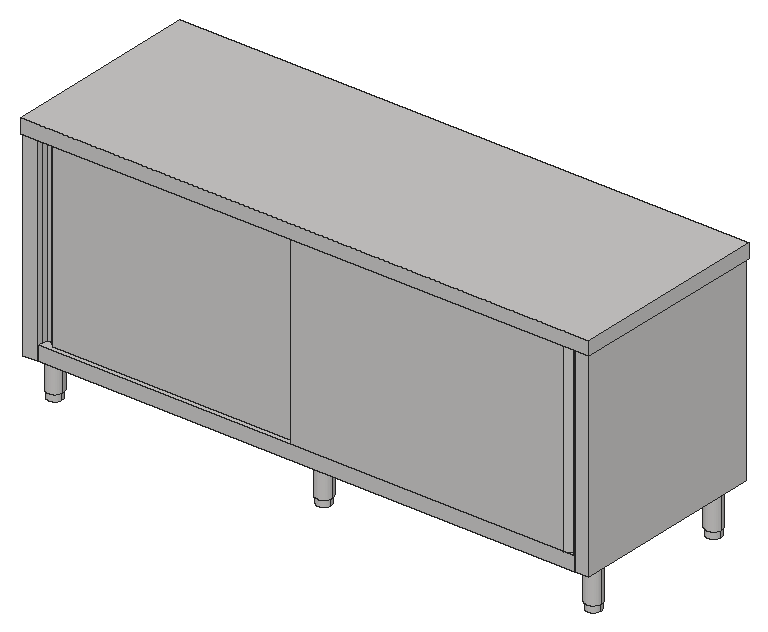
Revit family "QF_ELECTROLUXPROFESSIONAL_132785_MTND2000PN", category Attrezzature speciali, Revit 2020
Family settings
  Quota connettore circolare = Usa diametro
  Tipo di parte = Normale
  Basato su piano di lavoro = No
  Sempre verticale = Sì
  Taglio con vuoti quando caricato = No
  Condiviso = No
  Punto di calcolo locali = No
Parameters (values of type "Standard")
  Weight = 75.00 kg
  Watts = 0 W
  Volts = 0 V
  URL Manufacturer = "https://www.electroluxprofessional.com/"
  URL = "https://www.electroluxprofessional.com/"
  Steam Supply Size = 0 mm
  Steam Supply Minimum Pressure = 0.0 Pa
  Steam Supply Maximum Pressure = 0.0 Pa
  Steam Consumption per Hour = 0
  Refrigeration Suction Line Size = 0.0 mm
  Refrigeration Liquid Line Size = 0.0 mm
  Refrigerant Compressor Remote = yes
  Prospetto di default = 0.0 mm
  Produttore = "Electrolux Professional"
  Phase = 0
  Modello = "MTND2000PN"
  Length Actual = 2000.0 mm  # constant formula
  Item Number = "132785"
  Hot Water Size = 0 mm
  Height Actual = 900.0 mm  # constant formula
  HP = "0 HP"
  Gas Size = 0 mm
  Gas KW = 0
  Gas Input Pressure = 0 W
  Direct Waste Size = 0 mm
  Descrizione = "WORKTOP CUPB.PASSTH+SHELF+SLIDING D.2000"
  Depth Actual = 700.0 mm  # constant formula
  Cycle = 0 Hz
  Condensate Return Size = 0 mm
  Compressed Air Volume = 0.0 L/s
  Compressed Air Size = 0 mm
  Compressed Air Pressure = 0.0 Pa
  Cold Water Size = 0 mm
  Accessory = yes
Reference planes
  plane 1 "Center (Front/Back)": y = 0
  plane 2: z = 0
  plane 3 "Center (Left/Right)": x = -500
  plane 4 "LEFT": x = -1500
  plane 5 "RIGHT": x = 500
  plane 6 "BACK": y = 350
  plane 7 "FRONT": y = -350
  plane 8 "Base": z = 850
  plane 9 "TOP": z = 900
  plane 10: x = -1446.9
  plane 11: x = 446.9
  plane 12: y = 264.5
  plane 13: y = -264.5
  plane 14 "BodyLeft": x = -1494.5
  plane 15 "BodyFront": y = -344.5
  plane 16 "BodyRight": x = 494.5
  plane 17 "BodyBack": y = 344.5
  plane 18 "FEET": z = 150
  plane 19: x = -445.5
  plane 20: x = -554.5
Forms (mm)
  Extrusion 1, solid, material "QF_Finishes_Stainless Steel"
    sketch origin (-500, 0, 0) x (0, 1, 0) y (0, 0, 1)
      loop
        line (-350, 850) -> (350, 850) -> (350, 900) -> (-350, 900) -> (-350, 850)
    from 1000 to -1000
  Extrusion 2, solid, material "QF_Finishes_Stainless Steel"
    sketch origin (0, 0, 150) x (-1, 0, 0) y (0, -1, 0)
      loop
        line (1494.5, -344.5) -> (1494.5, 344.5) -> (1444.5, 344.5) -> (1444.5, -344.5) -> (1494.5, -344.5)
      loop
        line (-444.5, -344.5) -> (-444.5, 344.5) -> (-494.5, 344.5) -> (-494.5, -344.5) -> (-444.5, -344.5)
    from 0 to 700
  Extrusion 3, solid, material "QF_Finishes_Stainless Steel"
    sketch origin (0, 0, 150) x (-1, 0, 0) y (0, -1, 0)
      loop
        line (1444.5, -344.5) -> (1444.5, 344.5) -> (-444.5, 344.5) -> (-444.5, -344.5) -> (1444.5, -344.5)
    from 0 to 50
  Extrusion 4, solid, material "QF_Finishes_Stainless Steel"
    sketch origin (0, 0, 150) x (-1, 0, 0) y (0, -1, 0)
      loop
        line (-445.9, 344.5) -> (-445.9, 324.5) -> (554.5, 324.5) -> (554.5, 344.5) -> (-405.9, 344.5) -> (-425.9, 329.5) -> (-440.9, 329.5) -> (-440.9, 344.5) -> (-445.9, 344.5)
    from 50 to 700
  Extrusion 5, solid, material "QF_Finishes_Stainless Steel"
    sketch origin (0, 20, 150) x (1, 0, 0) y (0, 1, 0)
      loop
        line (-1445.9, -344.5) -> (-1440.9, -344.5) -> (-1440.9, -329.5) -> (-1425.9, -329.5) -> (-1405.9, -344.5) -> (-445.5, -344.5) -> (-445.5, -324.5) -> (-1445.9, -324.5) -> (-1445.9, -344.5)
    from 50 to 700
  Extrusion 6, solid, material "QF_Finishes_Stainless Steel"
    sketch origin (0, 0, 150) x (-1, 0, 0) y (0, -1, 0)
      loop
        line (-444.5, -344.5) -> (-439.5, -344.5) -> (-439.5, -329.5) -> (-424.5, -329.5) -> (-404.5, -344.5) -> (554.5, -344.5) -> (554.5, -324.5) -> (-444.5, -324.5) -> (-444.5, -344.5)
    from 50 to 700
  Extrusion 7, solid, material "QF_Finishes_Stainless Steel"
    sketch origin (0, -20, 150) x (1, 0, 0) y (0, 1, 0)
      loop
        line (-1444.5, 344.5) -> (-1444.5, 324.5) -> (-445.5, 324.5) -> (-445.5, 344.5) -> (-1404.5, 344.5) -> (-1424.5, 329.5) -> (-1439.5, 329.5) -> (-1439.5, 344.5) -> (-1444.5, 344.5)
    from 50 to 700
  Extrusion 8, solid, material "QF_Finishes_Stainless Steel"
    sketch origin (0, 0, 0) x (1, 0, 0) y (0, 1, 0)
      loop
        line (-1444.5, -304.5) -> (444.5, -304.5) -> (444.5, 304.5) -> (-1444.5, 304.5) -> (-1444.5, -304.5)
    from 500 to 540
Lines and regions (mm)
  symbolic lines
    curve 1: line (500, 350, 900) -> (-1500, 350, 900)
    curve 2: line (-1500, 350, 900) -> (-1500, -350, 900)
    curve 3: line (-1500, -350, 900) -> (500, -350, 900)
    curve 4: line (500, -350, 900) -> (500, 350, 900)
  symbolic lines, style "SpecialityEquipmentHiddenLines"
    curve 5: line (-1494.5, 344.5, 150) -> (494.5, 344.5, 150)
    curve 6: line (-1494.5, -344.5, 150) -> (-1494.5, 344.5, 150)
    curve 7: line (494.5, -344.5, 150) -> (-1494.5, -344.5, 150)
    curve 8: line (494.5, 344.5, 150) -> (494.5, -344.5, 150)
    curve 9: line (-1445.9, -304.5, 150) -> (-445.5, -304.5, 150)
    curve 10: line (-445.5, -304.5, 150) -> (-445.5, -324.5, 150)
    curve 11: line (-1445.9, -324.5, 150) -> (445.9, -324.5, 150)
    curve 12: line (445.9, -324.5, 150) -> (445.9, -344.5, 150)
    curve 13: line (-554.5, -324.5, 150) -> (-554.5, -344.5, 150)
    curve 14: line (-1445.9, -304.5, 150) -> (-1445.9, -324.5, 150)
Dimensions and locks
  plane 4 "LEFT" to plane 5 "RIGHT" = 2000.0 mm
  equal spacing: plane 4 "LEFT", plane 3 "Center (Left/Right)", plane 5 "RIGHT"
  locked: plane 8 "Base" to level at 850
  plane 9 "TOP" to level = 900.0 mm
  plane 6 "BACK" to plane 7 "FRONT" = 700.0 mm
  equal spacing: plane 6 "BACK", plane 1 "Center (Front/Back)", plane 7 "FRONT"
  locked: plane 4 "LEFT" to plane 14 "BodyLeft" at 5.5
  locked: plane 16 "BodyRight" to plane 5 "RIGHT" at 5.5
  locked: plane 15 "BodyFront" to plane 7 "FRONT" at 5.5
  locked: plane 6 "BACK" to plane 17 "BodyBack" at 5.5
  locked: plane 14 "BodyLeft" to plane 10 at 47.6
  locked: plane 11 to plane 16 "BodyRight" at 47.6
  locked: plane 13 to plane 15 "BodyFront" at 80
  locked: plane 17 "BodyBack" to plane 12 at 80
  plane 10 to plane 11 = 1893.8 mm
  plane 12 to plane 13 = 529.0 mm
  locked: plane 14 "BodyLeft" to Extrusion 2 sketch curve at 50
  locked: Extrusion 2 sketch curve to Extrusion 2 sketch curve at 50
  locked: plane 3 "Center (Left/Right)" to plane 19 at 54.5
  locked: plane 20 to plane 3 "Center (Left/Right)" at 54.5
  locked: plane 18 "FEET" to level at 150
  aligned and locked: level to plane 2
  aligned and locked: plane 10 to nested 1
  aligned and locked: nested 1 to plane 13
  aligned and locked: plane 11 to nested 2
  aligned and locked: nested 2 to plane 13
  aligned and locked: plane 11 to nested 4
  aligned and locked: nested 4 to plane 12
  aligned and locked: plane 10 to nested 3
  aligned and locked: nested 3 to plane 12
  aligned and locked: Extrusion 1 to plane 4 "LEFT"
  aligned and locked: plane 5 "RIGHT" to Extrusion 1
  aligned and locked: curve 2 to plane 4 "LEFT"
  aligned and locked: plane 17 "BodyBack" to Extrusion 2 sketch curve
  aligned and locked: Extrusion 2 sketch curve to plane 15 "BodyFront"
  aligned and locked: Extrusion 2 sketch curve to plane 14 "BodyLeft"
  aligned and locked: plane 16 "BodyRight" to Extrusion 2 sketch curve
  aligned and locked: Extrusion 2 sketch curve to plane 17 "BodyBack"
  aligned and locked: plane 15 "BodyFront" to Extrusion 2 sketch curve
  aligned and locked: Extrusion 3 sketch curve to plane 17 "BodyBack"
  aligned and locked: plane 15 "BodyFront" to Extrusion 3 sketch curve
  aligned and locked: plane 8 "Base" to Extrusion 2
  aligned and locked: plane 8 "Base" to Extrusion 4
  aligned and locked: Extrusion 4 to Extrusion 3
  aligned and locked: Extrusion 5 sketch curve to plane 19
  aligned and locked: Extrusion 4 sketch curve to plane 20
  aligned and locked: Extrusion 1 to plane 8 "Base"
  aligned and locked: plane 9 "TOP" to Extrusion 1
  aligned and locked: curve 5 to plane 17 "BodyBack"
  aligned and locked: plane 14 "BodyLeft" to curve 6
  aligned and locked: plane 15 "BodyFront" to curve 7
  aligned and locked: plane 16 "BodyRight" to curve 8
  aligned and locked: Extrusion 3 to Extrusion 2  (x2)
  aligned and locked: Extrusion 8 sketch curve to Extrusion 7
  aligned and locked: Extrusion 8 sketch curve to Extrusion 2  (x2)
  aligned and locked: Extrusion 8 sketch curve to Extrusion 5
  aligned and locked: plane 3 "Center (Left/Right)" to nested 5
  aligned and locked: plane 3 "Center (Left/Right)" to nested 6
Automatic sketch dimensions
  curve 3 to plane 7 "FRONT" = 0.0 mm
  curve 4 to plane 6 "BACK" = 0.0 mm
  Extrusion 1 sketch curve to plane 7 "FRONT" = 0.0 mm
  Extrusion 1 sketch curve to plane 6 "BACK" = 0.0 mm
  Extrusion 1 sketch curve to plane 8 "Base" = 0.0 mm
  Extrusion 1 sketch curve to plane 9 "TOP" = 0.0 mm
  Extrusion 3 sketch curve to plane 11 = 2.4 mm
  plane 10 to Extrusion 3 sketch curve = 2.4 mm
  Extrusion 4 sketch curve to plane 15 "BodyFront" = 0.0 mm  (x2)
  Extrusion 4 sketch curve to plane 11 = 41.0 mm
  Extrusion 4 sketch curve to plane 11 = 21.0 mm
  Extrusion 4 sketch curve to plane 11 = 6.0 mm
  Extrusion 4 sketch curve to plane 11 = 1.0 mm
  plane 15 "BodyFront" to Extrusion 4 sketch curve = 15.0 mm
  plane 15 "BodyFront" to Extrusion 4 sketch curve = 20.0 mm
  Extrusion 5 sketch curve to plane 15 "BodyFront" = 20.0 mm  (x2)
  Extrusion 5 sketch curve to plane 10 = 41.0 mm
  Extrusion 5 sketch curve to plane 10 = 21.0 mm
  Extrusion 5 sketch curve to plane 10 = 6.0 mm
  Extrusion 5 sketch curve to plane 10 = 1.0 mm
  Extrusion 5 sketch curve to Extrusion 5 sketch curve = 15.0 mm
  Extrusion 5 sketch curve to Extrusion 5 sketch curve = 20.0 mm
  curve 10 to plane 19 = 0.0 mm
  curve 13 to plane 20 = 0.0 mm
  curve 11 to plane 11 = 1.0 mm
  plane 10 to curve 11 = 1.0 mm
  plane 15 "BodyFront" to curve 9 = 40.0 mm
  curve 12 to curve 12 = 20.0 mm
  Extrusion 6 sketch curve to plane 17 "BodyBack" = 0.0 mm  (x2)
  Extrusion 6 sketch curve to plane 20 = 0.0 mm
  plane 11 to Extrusion 6 sketch curve = 42.4 mm
  plane 11 to Extrusion 6 sketch curve = 22.4 mm
  plane 11 to Extrusion 6 sketch curve = 7.4 mm
  plane 11 to Extrusion 6 sketch curve = 2.4 mm
  plane 17 "BodyBack" to Extrusion 6 sketch curve = 15.0 mm
  plane 17 "BodyBack" to Extrusion 6 sketch curve = 20.0 mm
  Extrusion 7 sketch curve to plane 19 = 0.0 mm
  Extrusion 7 sketch curve to plane 17 "BodyBack" = 20.0 mm  (x2)
  plane 10 to Extrusion 7 sketch curve = 42.4 mm
  plane 10 to Extrusion 7 sketch curve = 22.4 mm
  plane 10 to Extrusion 7 sketch curve = 7.4 mm
  plane 10 to Extrusion 7 sketch curve = 2.4 mm
  Extrusion 7 sketch curve to Extrusion 7 sketch curve = 15.0 mm
  Extrusion 7 sketch curve to Extrusion 7 sketch curve = 20.0 mm
  curve 4 to plane 5 "RIGHT" = 0.0 mm
Nested families
  nested 1: "FEET_D58-150" at (-1446.9, -264.5, 0), type "FEET_D58-150"
  nested 2: "FEET_D58-150" at (446.9, -264.5, 0), type "FEET_D58-150"
  nested 3: "FEET_D58-150" at (-1446.9, 264.5, 0), type "FEET_D58-150"
  nested 4: "FEET_D58-150" at (446.9, 264.5, 0), type "FEET_D58-150"
  nested 5: "FEET_D58-150" at (-500, -264.5, 0), type "FEET_D58-150"
  nested 6: "FEET_D58-150" at (-500, 264.5, 0), type "FEET_D58-150"
Definition of nested family "FEET_D58-150"
  Parameters
    Default Elevation = 0.0 mm
    FEET = 150.0 mm
  Reference planes
    plane 1 "Center (Front/Back)": y = 0
    plane 2: z = 0
    plane 3 "Center (Left/Right)": x = 0
    plane 4: z = 150
  Forms (mm)
    Extrusion 1, solid
      sketch origin (0, 0, 0) x (1, 0, 0) y (0, 1, 0)
        loop
          circle (0, 0) r 25
      from 0 to 25
    Extrusion 2, solid
      sketch origin (0, 0, 0) x (1, 0, 0) y (0, 1, 0)
        loop
          circle (0.061, 0) r 29
      from 25 to 150 <- "FEET"
  Lines and regions (mm)
    symbolic lines
      curve 1: line (0, -1.503, 0) -> (0, 1.508, 0)
      curve 2: line (1.561, 0, 0) -> (-1.439, 0, 0)
  Dimensions and locks
    "FEET": plane 4 to plane 2
    aligned and locked: level to plane 2
  Automatic sketch dimensions
    plane 1 "Center (Front/Back)" to Extrusion 1 sketch curve = 0.0 mm
    Extrusion 1 sketch curve to plane 3 "Center (Left/Right)" = 0.0 mm
    plane 1 "Center (Front/Back)" to curve 2 = 0.0 mm
    curve 1 to plane 3 "Center (Left/Right)" = 0.0 mm
    curve 2 to plane 3 "Center (Left/Right)" = 1.439 mm
    plane 3 "Center (Left/Right)" to curve 2 = 1.561 mm
    plane 1 "Center (Front/Back)" to curve 1 = 1.503 mm
    curve 1 to plane 1 "Center (Front/Back)" = 1.508 mm
    plane 1 "Center (Front/Back)" to Extrusion 2 sketch curve = 0.0 mm
    plane 3 "Center (Left/Right)" to Extrusion 2 sketch curve = 0.061 mm
    radius of Extrusion 1 sketch curve = 25.0 mm
    radius of Extrusion 2 sketch curve = 29.0 mm
